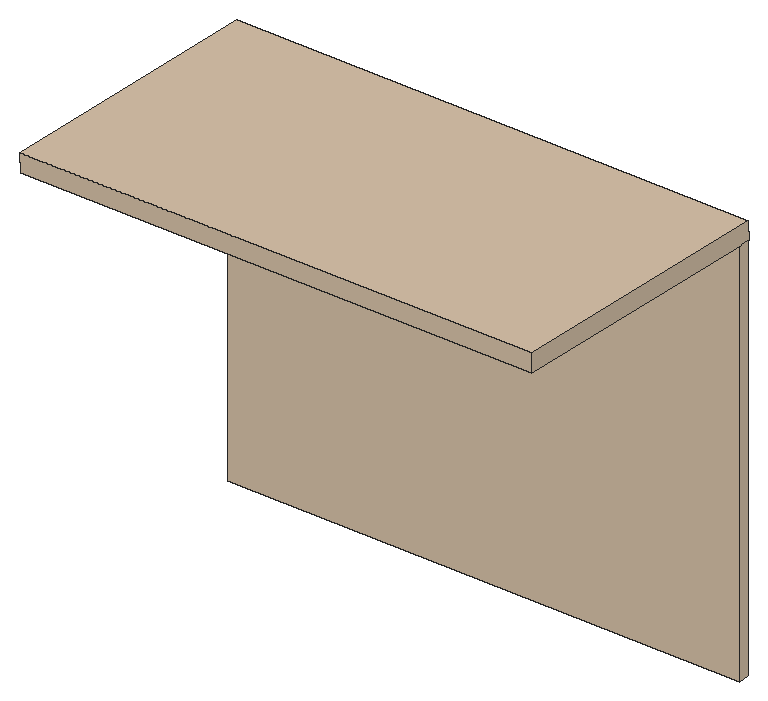
Revit family "Haworth_Masters_Bridge_RectangularTop", category Furniture Systems, Revit 2018
Family settings
  Round Connector Dimension = Use Diameter
  Part Type = Normal
  OmniClass Number = 23.40.70.14.64.21
  OmniClass Title = Systems Furniture
  Work Plane-Based = No
  Always vertical = Yes
  Cut with Voids When Loaded = No
  Shared = No
  Room Calculation Point = No
Parameters (values of type "36w 19d")
  Worksurface Finish = Haworth _ Wood _ White Oak
  Warranty = "http://www.haworth.com/resources/product-info/warranties"
  URL - Product = "http://www.haworth.com/products/desks/freestanding/masters-series"
  Sustainability Info = "http://www.haworth.com/company-info/sustainablility"
  Standard Depths = "19,24 in."  # constant formula
  Modesty Panel = yes
  Model = "Haworth - Masters - Bridges - Rectangular Top"  # constant formula
  Width = 36"
  URL = "www.haworth.com"
  Size = "Verify Final Dim. w/ Haworth"  # constant formula
  Revision Number = "3"  # constant formula
  Min. Width = 30"  # constant formula
  Max. Width = 60"  # constant formula
  Min. Depth = 19"  # constant formula
  Max. Depth = 30"  # constant formula
  Manufacturer = "Haworth"  # constant formula
  Edge Finish = Haworth _ Wood _ White Oak
  Description = "Haworth - Masters - Bridges - Rectangular Top"  # constant formula
  Depth = 19"
  Custom Size = not(or(and(Modesty Panel, or(Width = 36", Width = 42", Width = 48", Width = 54", Width = 60"), or(Depth = 19", Depth = 24")), and(not(Modesty Panel), or(Width = 36", Width = 42", Width = 48", Width = 54", Width = 60", Width = 66", Width = 72", Width = 78", Width = 84", Width = 90", Width = 96", Width = 102", Width = 108", Width = 114", Width = 120", Width = 30"), or(Depth = 30", Depth = 19", Depth = 24"))))  # no
  Cabinet Finish = Haworth _ Wood _ White Oak
  Author = "SHAPE Environments, LLC"  # constant formula
  Assembly Code = "E2020200"
  Actual Width = if(and(Modesty Panel, Width < 36"), 36", if(and(not(Modesty Panel), Width < Min. Width), Min. Width, if(and(Modesty Panel, Width > 60"), 60", if(and(not(Modesty Panel), Width > Max. Width), Max. Width, Width))))  # 36"
  Actual Height = 29"  # constant formula
  Actual Depth = if(Depth < Min. Depth, Min. Depth, if(and(Modesty Panel, Depth > Max. Depth), 24", if(and(not(Modesty Panel), Depth > Max. Depth), Max. Depth, Depth)))  # 19"
  Standard Widths = "36, 42, 48, 54, 60 in."  # constant formula
Reference planes (in)
  plane 1 "Back": y = -10
  plane 2: z = 0
  plane 3 "Center": x = 29.0625
  plane 4 "Top": z = 29
  plane 5 "Bottom of Top": z = 27.75
  plane 6 "Floor": y = -29
  plane 7 "Left Side": x = 11.0625
  plane 8 "Right Side": x = 47.0625
  plane 9 "Bottom of Modesty Panel": z = 0.3125
  plane 10 "Modesty Panel Thickness": y = -10.75
Forms (in)
  Extrusion 1, solid, material "Haworth _ Wood _ White Oak" <- "Worksurface Finish"
    sketch origin (0, 0, 29) x (0, 1, 0) y (-1, 0, 0)
      loop
        line (-10, -11.0625) -> (-29, -11.0625) -> (-29, -47.0625) -> (-10, -47.0625) -> (-10, -11.0625)
    from 0 to -1.25
  Extrusion 2, solid, material "Haworth _ Wood _ White Oak" <- "Cabinet Finish", visible <- "Modesty Panel"
    sketch origin (0, 0, 0) x (1, 0, 0) y (0, 1, 0)
      loop
        line (11.0625, -10) -> (11.0625, -10.75) -> (47.0625, -10.75) -> (47.0625, -10) -> (11.0625, -10)
    from 0.3125 to 27.75
Lines and regions (in)
  Masking region 1
    outline origin (0, 0, 27.75) x (0, 1, 0) y (-1, 0, 0)
      loop
        line (-10, -11.0625) -> (-29, -11.0625) -> (-29, -47.0625) -> (-10, -47.0625) -> (-10, -11.0625)
Dimensions and locks (in)
  "Actual Depth": plane 1 "Back" to plane 6 "Floor"
  equal spacing: plane 7 "Left Side", plane 3 "Center", plane 8 "Right Side"
  "Actual Width": plane 7 "Left Side" to plane 8 "Right Side"
  locked: plane 4 "Top" to plane 5 "Bottom of Top" at 1.25
  locked: plane 1 "Back" to plane 10 "Modesty Panel Thickness" at 0.75
  "Actual Height": plane 4 "Top" to plane 2
  aligned and locked: level to plane 2
  aligned and locked: plane 7 "Left Side" to Extrusion 1 sketch curve
  aligned and locked: plane 6 "Floor" to Extrusion 1 sketch curve
  aligned and locked: Extrusion 1 sketch curve to plane 8 "Right Side"
  aligned and locked: Extrusion 1 to plane 5 "Bottom of Top"
  aligned and locked: Extrusion 2 to plane 9 "Bottom of Modesty Panel"
  aligned and locked: Extrusion 1 to plane 1 "Back"
  aligned and locked: Extrusion 2 to plane 7 "Left Side"
  aligned and locked: Extrusion 2 to plane 1 "Back"
  aligned and locked: plane 8 "Right Side" to Extrusion 2
  aligned and locked: Extrusion 2 to plane 10 "Modesty Panel Thickness"
  aligned and locked: plane 5 "Bottom of Top" to Extrusion 2
  aligned and locked: Masking region 1 sketch curve to plane 8 "Right Side"
  aligned and locked: plane 6 "Floor" to Masking region 1 sketch curve
  aligned and locked: plane 7 "Left Side" to Masking region 1 sketch curve
  aligned and locked: plane 1 "Back" to Masking region 1 sketch curve
  aligned and locked: plane 4 "Top" to Extrusion 1
Automatic sketch dimensions
  Extrusion 1 sketch curve to plane 1 "Back" = 0"
  plane 1 "Back" to Extrusion 2 sketch curve = 3/4"
  Extrusion 2 sketch curve to Extrusion 2 sketch curve = 3/4"
  plane 8 "Right Side" to Extrusion 2 sketch curve = 0"
  Extrusion 2 sketch curve to plane 7 "Left Side" = 0"
